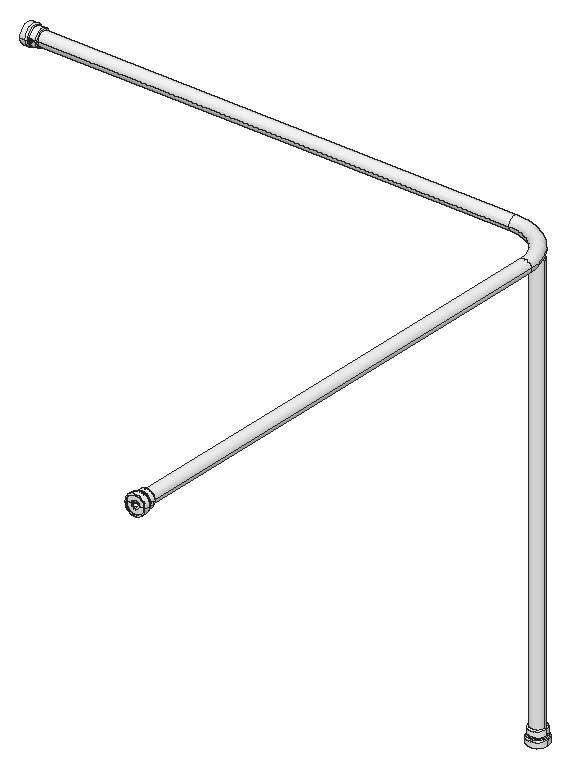
Revit family "53935__DVS-L-B-1200x1200", category Generic Models, Revit 2014
Parameters (values of type "Type")
  Length [instance] = 700 mm
  L [instance] = Length - 40 mm  # 660 mm
  Color = White
Reference planes
  plane 1 "Center (Front/Back)": y = 0
  plane 2: z = 0
  plane 3 "Center (Left/Right)": x = 0
Forms (mm)
  Extrusion 1, solid, material "White" <- "Color", detail levels fine
    sketch origin (0, -928, 951) x (0, 1, 0) y (0, 0, 1)
      loop
        circle (-250, 49) r 3
      loop
        line (-248.4, 49.924) -> (-250, 50.848) -> (-251.6, 49.924) -> (-251.6, 48.076) -> (-250, 47.152) -> (-248.4, 48.076) -> (-248.4, 49.924)
    from 0 to 20
  Revolve 2, solid, material "White" <- "Color", detail levels fine
    sketch origin (0, -1200, 1000) x (1, 0, 0) y (0, 1, 0)
      loop
        arc (22.475, 11.48) -> (21.956, 13.166) -> (20.58, 14.269) r 3
        arc (20.58, 14.269) -> (19.18, 15.661) -> (19.227, 17.635) r 2.5
        arc (19.227, 17.635) -> (19.447, 18.322) -> (19.496, 19.042) r 3
        line (19.496, 19.042) -> (18.864, 31.105)
        arc (18.864, 31.105) -> (18.243, 32.451) -> (16.866, 33) r 2
        line (16.866, 33) -> (5.5, 33) -> (5.5, 2) -> (9.5, 2) -> (9.5, 1) -> (20, 1) -> (20, 0) -> (22.475, 0) -> (22.475, 11.48)
      axis (0, 0) -> (0, 33)
    angle from 0 to 360
  Sweep 3, solid, material "White" <- "Color", detail levels medium+fine
    path origin (0, 0, 1000) x (1, 0, 0) y (0, 1, 0)
      loop
        line (0, -1167) -> (0, -110)
        arc (0, -110) -> (-32.218, -32.218) -> (-110, 0) r 110
        line (-110, 0) -> (-1167, 0)
    profile origin (-638.5, 0, 1000) x (0, -1, 0) y (0, 0, 1)
      loop
        circle (0, 0) r 15
  Extrusion 4, void
    sketch origin (0, -928, 951) x (0, 1, 0) y (0, 0, 1)
      loop
        line (-248.4, 49.924) -> (-250, 50.848) -> (-251.6, 49.924) -> (-251.6, 48.076) -> (-250, 47.152) -> (-248.4, 48.076) -> (-248.4, 49.924)
    from 17.178 to 28.803
  Extrusion 5, solid, material "White" <- "Color", detail levels fine
    sketch origin (-32.218, 16.782, -228) x (0, 0, -1) y (0, -1, 0)
      loop
        circle (-250, 49) r 3
      loop
        line (-248.4, 49.924) -> (-250, 50.848) -> (-251.6, 49.924) -> (-251.6, 48.076) -> (-250, 47.152) -> (-248.4, 48.076) -> (-248.4, 49.924)
    from 0 to 20
  Revolve 6, solid, material "White" <- "Color", detail levels fine
    sketch origin (-32.218, -32.218, 0) x (1, 0, 0) y (0, 0, 1)
      loop
        arc (22.475, 11.48) -> (21.956, 13.166) -> (20.58, 14.269) r 3
        arc (20.58, 14.269) -> (19.18, 15.661) -> (19.227, 17.635) r 2.5
        arc (19.227, 17.635) -> (19.447, 18.322) -> (19.496, 19.042) r 3
        line (19.496, 19.042) -> (18.864, 31.105)
        arc (18.864, 31.105) -> (18.243, 32.451) -> (16.866, 33) r 2
        line (16.866, 33) -> (5.5, 33) -> (5.5, 2) -> (9.5, 2) -> (9.5, 1) -> (20, 1) -> (20, 0) -> (22.475, 0) -> (22.475, 11.48)
      axis (0, 0) -> (0, 33)
    angle from 0 to 360
  Extrusion 7, void
    sketch origin (-32.218, 16.782, -228) x (0, 0, -1) y (0, -1, 0)
      loop
        line (-248.4, 49.924) -> (-250, 50.848) -> (-251.6, 49.924) -> (-251.6, 48.076) -> (-250, 47.152) -> (-248.4, 48.076) -> (-248.4, 49.924)
    from 17.178 to 28.803
  Extrusion 8, solid, material "White" <- "Color", detail levels fine
    sketch origin (0, 0, 0) x (1, 0, 0) y (0, 1, 0)
      loop
        circle (-32.218, -32.218) r 15
    from 27.601 to 972
  Extrusion 9, solid, material "White" <- "Color", detail levels fine
    sketch origin (-928, 0, 951) x (1, 0, 0) y (0, 0, 1)
      loop
        circle (-250, 49) r 3
      loop
        line (-248.4, 49.924) -> (-250, 50.848) -> (-251.6, 49.924) -> (-251.6, 48.076) -> (-250, 47.152) -> (-248.4, 48.076) -> (-248.4, 49.924)
    from 0 to 20
  Revolve 10, solid, material "White" <- "Color", detail levels fine
    sketch origin (-1200, 0, 1000) x (0, -1, 0) y (1, 0, 0)
      loop
        arc (22.475, 11.48) -> (21.956, 13.166) -> (20.58, 14.269) r 3
        arc (20.58, 14.269) -> (19.18, 15.661) -> (19.227, 17.635) r 2.5
        arc (19.227, 17.635) -> (19.447, 18.322) -> (19.496, 19.042) r 3
        line (19.496, 19.042) -> (18.864, 31.105)
        arc (18.864, 31.105) -> (18.243, 32.451) -> (16.866, 33) r 2
        line (16.866, 33) -> (5.5, 33) -> (5.5, 2) -> (9.5, 2) -> (9.5, 1) -> (20, 1) -> (20, 0) -> (22.475, 0) -> (22.475, 11.48)
      axis (0, 0) -> (0, 33)
    angle from 0 to 360
  Extrusion 11, void
    sketch origin (-928, 0, 951) x (1, 0, 0) y (0, 0, 1)
      loop
        line (-248.4, 49.924) -> (-250, 50.848) -> (-251.6, 49.924) -> (-251.6, 48.076) -> (-250, 47.152) -> (-248.4, 48.076) -> (-248.4, 49.924)
    from 17.178 to 28.803
  Revolve 12, solid, material "White" <- "Color", detail levels fine
    sketch origin (0, -32, 0) x (1, 0, 0) y (0, 0, 1)
      loop
        line (-36.218, 1000) -> (-36.218, 977)
        arc (-36.218, 977) -> (-37.097, 974.879) -> (-39.218, 974) r 3
        line (-39.218, 974) -> (-39.218, 972) -> (-32.218, 972) -> (-32.218, 1000) -> (-36.218, 1000)
      axis (-32.218, 1000) -> (-32.218, 972)
    angle from 0 to 360
  Extrusion 13, void
    sketch origin (0, 0, 0) x (1, 0, 0) y (0, 0, 1)
      loop
        line (-38.218, 972) -> (-38.218, 975.581) -> (-44.166, 975.581) -> (-44.166, 972) -> (-38.218, 972)
      loop
        line (-26.218, 972) -> (-20.694, 972) -> (-20.694, 975.946) -> (-26.218, 975.946) -> (-26.218, 972)
    from -32.169 to 250
  Sweep 14, solid, material "White", not visible, detail levels medium+fine
    path origin (488.763, 488.762, 1000) x (1, 0, 0) y (0, 1, 0)
      loop
        line (0, -967) -> (0, -110)
        arc (0, -110) -> (-32.218, -32.218) -> (-110, 0) r 110
        line (-110, 0) -> (-967, 0)
    profile origin (-49.737, 488.762, 1000) x (0, -1, 0) y (0, 0, 1)
      loop
        circle (0, 0) r 15
  Extrusion 15, solid, material "White", not visible, detail levels fine
    sketch origin (488.763, 488.762, 0) x (1, 0, 0) y (0, 1, 0)
      loop
        circle (-32.218, -32.218) r 15
    from 27.601 to 972
  Revolve 16, solid, material "White", not visible, detail levels medium
    sketch origin (456.544, 456.544, 0) x (1, 0, 0) y (0, 0, 1)
      loop
        arc (22.475, 11.48) -> (21.956, 13.166) -> (20.58, 14.269) r 3
        arc (20.58, 14.269) -> (19.18, 15.661) -> (19.227, 17.635) r 2.5
        arc (19.227, 17.635) -> (19.447, 18.322) -> (19.496, 19.042) r 3
        line (19.496, 19.042) -> (18.864, 31.105)
        arc (18.864, 31.105) -> (18.243, 32.451) -> (16.866, 33) r 2
        line (16.866, 33) -> (0, 33) -> (0, 0) -> (22.475, 0) -> (22.475, 11.48)
      axis (0, 0) -> (0, 33)
    angle from 0 to 360
  Revolve 17, solid, material "White", not visible, detail levels medium
    sketch origin (-511.237, 488.763, 1000) x (0, -1, 0) y (1, 0, 0)
      loop
        arc (22.475, 11.48) -> (21.956, 13.166) -> (20.58, 14.269) r 3
        arc (20.58, 14.269) -> (19.18, 15.661) -> (19.227, 17.635) r 2.5
        arc (19.227, 17.635) -> (19.447, 18.322) -> (19.496, 19.042) r 3
        line (19.496, 19.042) -> (18.864, 31.105)
        arc (18.864, 31.105) -> (18.243, 32.451) -> (16.866, 33) r 2
        line (16.866, 33) -> (0, 33) -> (0, 0) -> (22.475, 0) -> (22.475, 11.48)
      axis (0, 0) -> (0, 33)
    angle from 0 to 360
  Revolve 18, solid, material "White", not visible, detail levels medium
    sketch origin (488.762, -511.238, 1000) x (1, 0, 0) y (0, 1, 0)
      loop
        arc (22.475, 11.48) -> (21.956, 13.166) -> (20.58, 14.269) r 3
        arc (20.58, 14.269) -> (19.18, 15.661) -> (19.227, 17.635) r 2.5
        arc (19.227, 17.635) -> (19.447, 18.322) -> (19.496, 19.042) r 3
        line (19.496, 19.042) -> (18.864, 31.105)
        arc (18.864, 31.105) -> (18.243, 32.451) -> (16.866, 33) r 2
        line (16.866, 33) -> (0, 33) -> (0, 0) -> (22.475, 0) -> (22.475, 11.48)
      axis (0, 0) -> (0, 33)
    angle from 0 to 360
  Extrusion 19, solid, material "White", not visible, detail levels coarse+medium
    sketch origin (488.763, 488.762, 0) x (1, 0, 0) y (0, 1, 0)
      loop
        circle (-32.218, -32.218) r 15
    from 33 to 1000
  Revolve 20, solid, material "White", not visible, detail levels coarse
    sketch origin (456.544, 456.544, 0) x (1, 0, 0) y (0, 0, 1)
      loop
        line (22.475, 33) -> (0, 33) -> (0, 0) -> (22.475, 0) -> (22.475, 33)
      axis (0, 0) -> (0, 33)
    angle from 0 to 360
  Revolve 21, solid, material "White", not visible, detail levels coarse
    sketch origin (-511.237, 488.763, 1000) x (0, -1, 0) y (1, 0, 0)
      loop
        line (22.475, 33) -> (0, 33) -> (0, 0) -> (22.475, 0) -> (22.475, 33)
      axis (0, 0) -> (0, 33)
    angle from 0 to 360
  Revolve 22, solid, material "White", not visible, detail levels coarse
    sketch origin (488.762, -511.238, 1000) x (1, 0, 0) y (0, 1, 0)
      loop
        line (22.475, 33) -> (0, 33) -> (0, 0) -> (22.475, 0) -> (22.475, 33)
      axis (0, 0) -> (0, 33)
    angle from 0 to 360
  Extrusion 23, solid, material "White", not visible, detail levels coarse
    sketch origin (488.763, 488.762, 0) x (0, 1, 0) y (0, 0, 1)
      loop
        circle (0, 1000) r 15
    from -110 to -967
  Extrusion 24, solid, material "White", not visible, detail levels coarse
    sketch origin (488.763, 869.369, 0) x (-1, 0, 0) y (0, 0, 1)
      loop
        circle (0, 1000) r 15
    from -490.607 to -1347.607
  Extrusion 25, solid, material "White", not visible, detail levels coarse
    sketch origin (243.057, 993.318, 0) x (-0.929133, -0.369747, 0) y (0, 0, 1)
      loop
        circle (0, 1000) r 15
    from -571.188 to -667.399
  Extrusion 26, solid, material "White", not visible, detail levels coarse
    sketch origin (993.318, 243.057, 0) x (-0.369747, -0.929133, 0) y (0, 0, -1)
      loop
        circle (0, -1000) r 15
    from -571.215 to -667.399
  Revolve 27, solid, material "White", detail levels medium
    sketch origin (-32.218, -32.218, 0) x (1, 0, 0) y (0, 0, 1)
      loop
        arc (22.475, 11.48) -> (21.956, 13.166) -> (20.58, 14.269) r 3
        arc (20.58, 14.269) -> (19.18, 15.661) -> (19.227, 17.635) r 2.5
        arc (19.227, 17.635) -> (19.447, 18.322) -> (19.496, 19.042) r 3
        line (19.496, 19.042) -> (18.864, 31.105)
        arc (18.864, 31.105) -> (18.243, 32.451) -> (16.866, 33) r 2
        line (16.866, 33) -> (0, 33) -> (0, 0) -> (22.475, 0) -> (22.475, 11.48)
      axis (0, 0) -> (0, 33)
    angle from 0 to 360
  Revolve 28, solid, material "White", detail levels medium
    sketch origin (-1200, 0, 1000) x (0, -1, 0) y (1, 0, 0)
      loop
        arc (22.475, 11.48) -> (21.956, 13.166) -> (20.58, 14.269) r 3
        arc (20.58, 14.269) -> (19.18, 15.661) -> (19.227, 17.635) r 2.5
        arc (19.227, 17.635) -> (19.447, 18.322) -> (19.496, 19.042) r 3
        line (19.496, 19.042) -> (18.864, 31.105)
        arc (18.864, 31.105) -> (18.243, 32.451) -> (16.866, 33) r 2
        line (16.866, 33) -> (0, 33) -> (0, 0) -> (22.475, 0) -> (22.475, 11.48)
      axis (0, 0) -> (0, 33)
    angle from 0 to 360
  Revolve 29, solid, material "White", detail levels medium
    sketch origin (0, -1200, 1000) x (1, 0, 0) y (0, 1, 0)
      loop
        arc (22.475, 11.48) -> (21.956, 13.166) -> (20.58, 14.269) r 3
        arc (20.58, 14.269) -> (19.18, 15.661) -> (19.227, 17.635) r 2.5
        arc (19.227, 17.635) -> (19.447, 18.322) -> (19.496, 19.042) r 3
        line (19.496, 19.042) -> (18.864, 31.105)
        arc (18.864, 31.105) -> (18.243, 32.451) -> (16.866, 33) r 2
        line (16.866, 33) -> (0, 33) -> (0, 0) -> (22.475, 0) -> (22.475, 11.48)
      axis (0, 0) -> (0, 33)
    angle from 0 to 360
  Extrusion 30, solid, material "White", detail levels medium
    sketch origin (0, 0, 0) x (1, 0, 0) y (0, 1, 0)
      loop
        circle (-32.218, -32.218) r 15
    from 33 to 1000
  Extrusion 31, solid, material "White" <- "Color", detail levels coarse
    sketch origin (0, 0, 0) x (1, 0, 0) y (0, 0, 1)
      loop
        line (-1200, 0) -> (22.475, 0) -> (22.475, 1022.475) -> (-1200, 1022.475) -> (-1200, 0)
    from -21.782 to 1200
Cuts and joins
  Extrusion 4, Extrusion 7, Extrusion 11 cuts Revolve 2
  Extrusion 7, Extrusion 11 cuts Extrusion 1
  Extrusion 7 cuts Extrusion 5
  Extrusion 7, Extrusion 13 cuts Revolve 6
  Extrusion 13 cuts Extrusion 8
  Extrusion 13 cuts Revolve 12
  joined: Revolve 6, Extrusion 8, Revolve 12
  Extrusion 11 cuts Extrusion 9
  Extrusion 11 cuts Revolve 10
Dimensions and locks
  radius of Sweep 3 sketch curve = 110 mm
  radius of Sweep 14 sketch curve = 110 mm
  aligned and locked: level to plane 2
